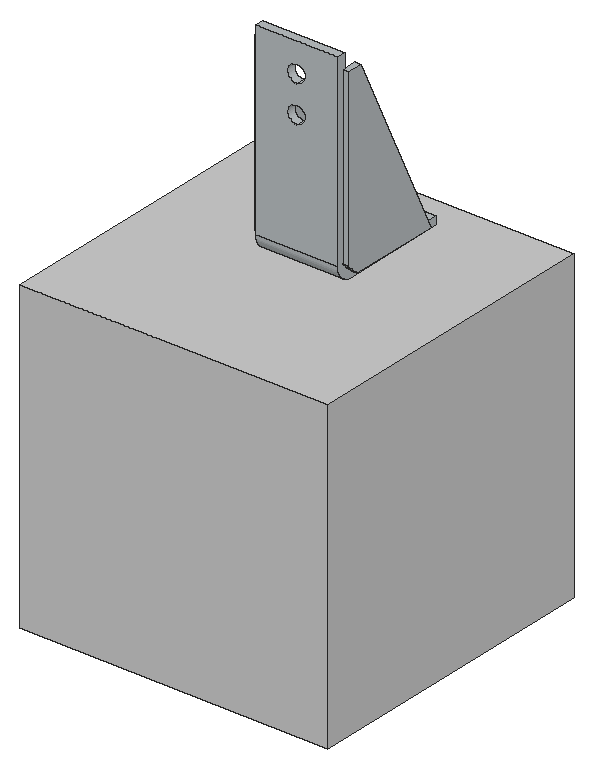
Revit family "REC-PAR2001208R", category Structural Connections, host Face, Revit 2024
Family settings
  Host = Face
  Material for Model Behavior = Steel
  Enable Cutting in Views = Yes
  Cut with Voids When Loaded = Yes
  Shared = No
Parameters (values of type "PAR2001208R")
  Visible = yes
  URL_Product_(Producto) = ""
  URL_DataSheet_(FichaTecnica) = ""
  URL_CE_Marking_(MarcadoCE) = ""
  Type IFC Predefined Type = "Brackets"
  Type Comments = ""
  URL = "https://recense.com/"
  Model = "PAR2001208R"
  Manufacturer = "RECENSE"
  Keynote_ESP = "Anclaje antivuelco para fijación de paneles a estructura de hormigón mediante la interposición de perfiles, tornillos de anclaje o casquillos roscados."
  Keynote = "Anti-tilt anchor for fixing panels to concrete structures by means of interposing profiles, anchor bolts or threaded sleeves."
  IFCExportType = Classification.Uniclass.Pr.Description  # "Brackets"
  IFCExportAs = "IfcElementAssembly"
  Fecha de Creacion: = "01/03/2024"
  Fecha Ultima Revision: = "01/03/2024"
  Export Type to IFC As = "IfcElementAssembly"
  Description_ESP = "Pletina angular reforzada 200x120x80x8 mm, coliso 17x64 mm en una ala y 2 TØ17mm en la otra."
  Description = "Angle plate reinforced 200x120x80x8 mm, slotted hole 17x64 mm on one side and 2 holes Ø17 mm on another side."
  Default Elevation = 0.0 mm
  Creado por: = "Deliprogal SL"
  Cost = 0
  Classification.Uniclass.Ss.Number = ""
  Classification.Uniclass.Ss.Description = ""
  Classification.Uniclass.Pr.Number = "Pr_20_85_09"
  Classification.Uniclass.Pr.Description = "Brackets"
  Classification.Uniclass.EF.Number = ""
  Classification.Uniclass.EF.Description = ""
  Classification.Space.Number = ""
  Classification.Space.Description = ""
  Classification.Facility.Number = ""
  Classification.Facility.Description = ""
  Assembly Code = ""
Reference planes
  plane 1 "Center (Front/Back)": y = 0
  plane 2: z = 0
  plane 3 "Center (Left/Right)": x = 0
Forms (mm)
  Extrusion 1, solid, material "REC_Base"
    sketch origin (0, -719.2, 0) x (1, 0, 0) y (0, 1, 0)
      loop
        line (-150, 869.2) -> (-150, 569.2) -> (150, 569.2) -> (150, 869.2) -> (-150, 869.2)
    from 0 to -300
  Extrusion 2, solid, material "REC_Acero, S 275JR (Zincado)"
    sketch origin (40, 0, 0) x (0, 0, 1) y (0, 1, 0)
      loop
        line (0, 120) -> (0, 16)
        arc (0, 16) -> (4.686, 4.686) -> (16, 0) r 16
        line (16, 0) -> (200, 0) -> (200, 8) -> (16, 8)
        arc (16, 8) -> (10.343, 10.343) -> (8, 16) r 8
        line (8, 16) -> (8, 120) -> (0, 120)
    from 0 to 80
  Extrusion 3, solid, material "REC_Acero, S 275JR (Zincado)"
    sketch origin (40, 0, 0) x (0, 0, 1) y (0, 1, 0)
      loop
        line (6, 106) -> (6, 16) -> (16, 6) -> (186, 6) -> (186, 21) -> (6, 106)
    from 80 to 86
  Extrusion 4, solid, material "REC_Acero, S 275JR (Zincado)"
    sketch origin (126, 0, 0) x (0, 0, 1) y (0, -1, 0)
      loop
        line (6, -106) -> (186, -21) -> (186, -6) -> (16, -6) -> (6, -16) -> (6, -106)
    from -86 to -80
  Extrusion 5, void
    sketch origin (40, 0, 0) x (0, 0, 1) y (-1, 0, 0)
      loop
        circle (135, 40) r 8.5
      loop
        circle (171, 40) r 8.5
    from -8 to 0
  Extrusion 6, void
    sketch origin (40, -96.525, 0) x (0, 1, 0) y (-1, 0, 0)
      loop
        arc (139.525, 48.5) -> (131.025, 40) -> (139.525, 31.5) r 8.5
        line (139.525, 31.5) -> (186.525, 31.5)
        arc (186.525, 31.5) -> (195.025, 40) -> (186.525, 48.5) r 8.5
        line (186.525, 48.5) -> (139.525, 48.5)
    from 0 to 8
Cuts and joins
  Extrusion 5, Extrusion 6 cuts Extrusion 2
  joined: Extrusion 2, Extrusion 3, Extrusion 4
Dimensions and locks
  aligned and locked: plane 2 to Extrusion 1
  aligned and locked: level to Extrusion 1
